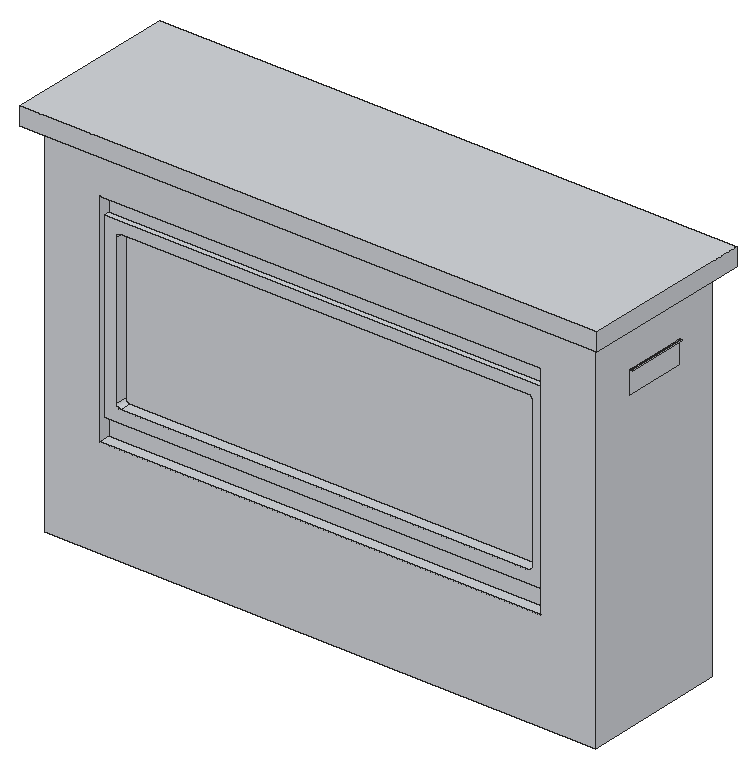
Revit family "PL42VOBE", category Generic Models, Revit 2019
Family settings
  Can host rebar = No
  Round Connector Dimension = Use Diameter
  Part Type = Normal
  Work Plane-Based = No
  Always vertical = Yes
  Cut with Voids When Loaded = No
  Shared = No
  Room Calculation Point = No
Reference planes (in)
  plane 1 "Center (Front/Back)": y = 0
  plane 2: z = 0
  plane 3 "Center (Left/Right)": x = 0
Forms (in)
  Extrusion 1, solid
    sketch origin (0, 0, 0) x (1, 0, 0) y (0, 1, 0)
      loop
        line (-24.6875, 6.5) -> (-24.6875, -6.5) -> (24.6875, -6.5) -> (24.6875, 6.5) -> (-24.6875, 6.5)
    from 0 to 32.75
  Extrusion 2, solid
    sketch origin (0, 0, 0) x (1, 0, 0) y (0, 1, 0)
      loop
        line (-25.8125, 7.8125) -> (-25.8125, -7.8125) -> (25.8125, -7.8125) -> (25.8125, 7.8125) -> (-25.8125, 7.8125)
    from 32.75 to 34.375
  Extrusion 3, void
    sketch origin (0, 0, 0) x (1, 0, 0) y (0, 0, 1)
      loop
        line (-19.75, 28.75) -> (-19.75, 26.95662) -> (19.75, 26.95662) -> (19.75, 28.75) -> (-19.75, 28.75)
      loop
        line (-19.75, 10.79562) -> (-19.75, 9.00224) -> (19.75, 9.00224) -> (19.75, 10.79562) -> (-19.75, 10.79562)
    from 6.5 to 5.5
  Extrusion 4, void
    sketch origin (0, 0, 0) x (1, 0, 0) y (0, 0, 1)
      loop
        arc (-18.271, 25.95662) -> (-18.53617, 25.84679) -> (-18.646, 25.58162) r 0.375
        line (-18.646, 25.58162) -> (-18.646, 12.23962)
        arc (-18.646, 12.23962) -> (-18.53617, 11.97446) -> (-18.271, 11.86462) r 0.375
        line (-18.271, 11.86462) -> (18.271, 11.86462)
        arc (18.271, 11.86462) -> (18.53617, 11.97446) -> (18.646, 12.23962) r 0.375
        line (18.646, 12.23962) -> (18.646, 25.58162)
        arc (18.646, 25.58162) -> (18.53617, 25.84679) -> (18.271, 25.95662) r 0.375
        line (18.271, 25.95662) -> (-18.271, 25.95662)
    from 6.5 to 5
  Extrusion 5, void
    sketch origin (0, 0, 0) x (1, 0, 0) y (0, 0, 1)
      loop
        arc (-18.271, 25.95662) -> (-18.53617, 25.84679) -> (-18.646, 25.58162) r 0.375
        line (-18.646, 25.58162) -> (-18.646, 12.23962)
        arc (-18.646, 12.23962) -> (-18.53617, 11.97446) -> (-18.271, 11.86462) r 0.375
        line (-18.271, 11.86462) -> (18.271, 11.86462)
        arc (18.271, 11.86462) -> (18.53617, 11.97446) -> (18.646, 12.23962) r 0.375
        line (18.646, 12.23962) -> (18.646, 25.58162)
        arc (18.646, 25.58162) -> (18.53617, 25.84679) -> (18.271, 25.95662) r 0.375
        line (18.271, 25.95662) -> (-18.271, 25.95662)
      loop
        line (-19.75, 26.95662) -> (-19.75, 10.79562) -> (19.75, 10.79562) -> (19.75, 26.95662) -> (-19.75, 26.95662)
    from 6.5 to 6
  Extrusion 6, solid
    sketch origin (0, 0, 0) x (1, 0, 0) y (0, 0, 1)
      loop
        line (24.94839, 28.786) -> (24.78539, 28.786)
        arc (24.78539, 28.786) -> (24.73801, 28.76638) -> (24.71839, 28.719) r 0.067
        line (24.71839, 28.719) -> (24.71839, 26.93032) -> (24.71839, 26.79006) -> (24.6875, 26.79006) -> (24.6875, 26.75881) -> (24.74964, 26.75881) -> (24.74964, 28.719)
        arc (24.74964, 28.719) -> (24.76011, 28.74428) -> (24.78539, 28.75475) r 0.03575
        line (24.78539, 28.75475) -> (24.94839, 28.75475) -> (24.94839, 28.786)
      loop
        line (-24.94839, 28.786) -> (-24.94839, 28.75475) -> (-24.78539, 28.75475)
        arc (-24.78539, 28.75475) -> (-24.76011, 28.74428) -> (-24.74964, 28.719) r 0.03575
        line (-24.74964, 28.719) -> (-24.74964, 26.75881) -> (-24.6875, 26.75881) -> (-24.6875, 26.79006) -> (-24.71839, 26.79006) -> (-24.71839, 26.93032) -> (-24.71839, 28.719)
        arc (-24.71839, 28.719) -> (-24.73801, 28.76638) -> (-24.78539, 28.786) r 0.067
        line (-24.78539, 28.786) -> (-24.94839, 28.786)
    from -2.75 to 2.75
Cuts and joins
  Extrusion 3, Extrusion 4, Extrusion 5 cuts Extrusion 1
Lines and regions (in)
  symbolic lines
    curve 1: line (25.8125, 0, 34.375) -> (25.8125, 0, 32.75)
Dimensions and locks (in)
  aligned and locked: plane 2 to level
